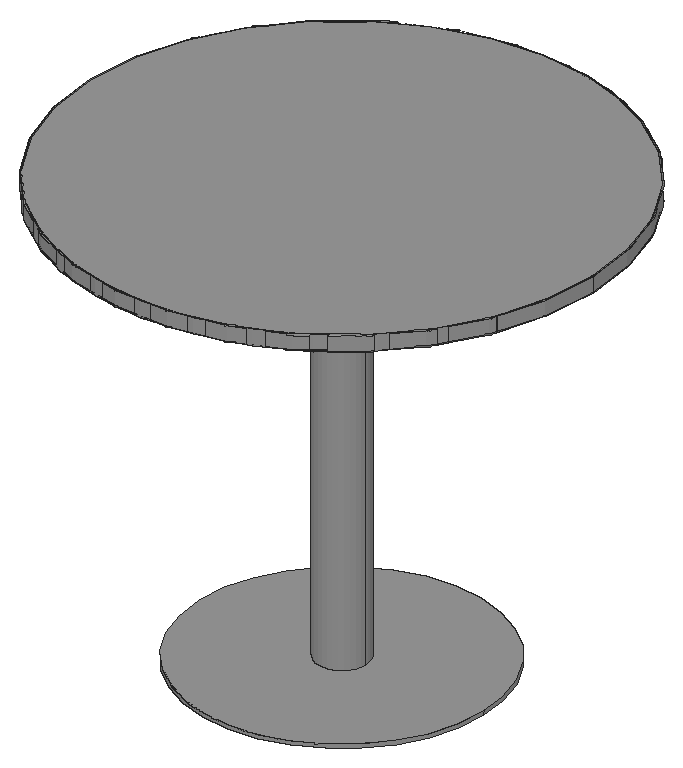
Revit family "Inklud 42in Round 36H Pedestal Base Table", category Furniture, Revit 2018
Family settings
  OmniClass Number = 23.40.20.00
  OmniClass Title = General Furniture and Specialties
  Work Plane-Based = No
  Always vertical = Yes
  Cut with Voids When Loaded = No
  Shared = No
  Room Calculation Point = No
Parameters
  Surface = Inklud 42" Round 36"H Pedestal Table Surface
  Edgeband = Inklud 42" Round 36"H Pedestal Table Edgeband
Reference planes (in)
  plane 1 "Center Front/Back": y = 0
  plane 2: z = 0
  plane 3 "Center Left/Right": x = 0
Forms (in)
  Extrusion 1, solid, material "Inklud Table Frame Platinum"
    sketch origin (0, 0, 0) x (1, 0, 0) y (0, 1, 0)
      loop
        circle (0, 0) r 2
    from 0.31496 to 34.62706
  Extrusion 2, solid, material "Inklud Table Frame Platinum"
    sketch origin (0, 0, 0) x (1, 0, 0) y (0, 1, 0)
      loop
        circle (0, 0) r 11.87315
    from 0 to 0.31496
  Extrusion 3, solid, material "Inklud Table Frame Platinum"
    sketch origin (0, 0, 6.99895) x (1, 0, 0) y (0, 1, 0)
      loop
        line (-6, 6) -> (-6, -6) -> (6, -6) -> (6, 6) -> (-6, 6)
    from 27.62811 to 27.86433
Dimensions and locks (in)
  aligned and locked: level to plane 2
Nested families (in)
  nested 1: "Inklud 42in Round Tabletop" at (0, 0, 7.20673), type "Inklud 42in Round Tabletop"
Definition of nested family "Inklud 42in Round Tabletop"
  Parameters (values of type "Inklud 42in Round Tabletop")
    Surface = none
    Edgeband = none
  Reference planes (in)
    plane 1 "Center (Front/Back)": y = 0
    plane 2: z = 0
    plane 3 "Center (Left/Right)": x = 0
  Forms (in)
    Extrusion 1, solid, material <- "Surface"
      sketch origin (0, 0, 0) x (1, 0, 0) y (0, 1, 0)
        loop
          circle (0, 0) r 21
      from 27.65655 to 28.90655
    Sweep 2, solid, material <- "Edgeband"
      path origin (0, 0, 0) x (1, 0, 0) y (0, 1, 0)
        loop
          circle (0, 0) r 21
      profile origin (0, 21, 0) x (0, -1, 0) y (0, 0, 1)
        loop
          arc (0, 28.90655) -> (-0.03536, 28.8919) -> (-0.05, 28.85655) r 0.05
          line (-0.05, 28.85655) -> (-0.05, 27.70655)
          arc (-0.05, 27.70655) -> (-0.03536, 27.67119) -> (0, 27.65655) r 0.05
          line (0, 27.65655) -> (0, 28.90655)
  Dimensions and locks (in)
    aligned and locked: plane 2 to level
